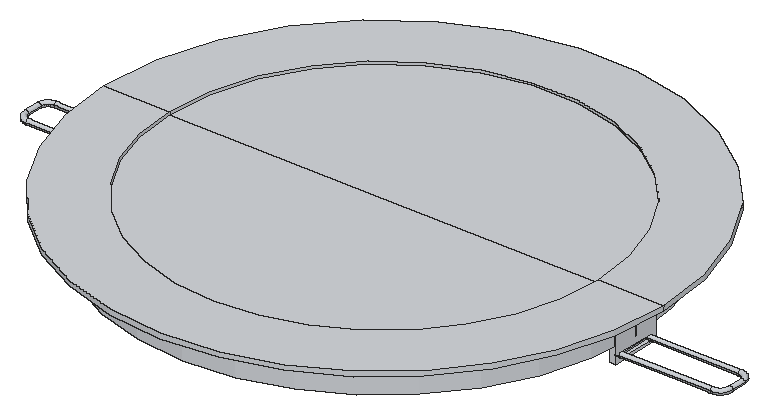
Revit family "0053957", category Lighting Fixtures, host Face, Revit 2017
Family settings
  Host = Face
  Round Connector Dimension = Use Diameter
  Part Type = Normal
  OmniClass Number = 23.80.70.00
  OmniClass Title = Lighting
  Cut with Voids When Loaded = No
  Light Source = Yes
  Shared = No
  Room Calculation Point = No
Parameters (values of type "0053957 SYLFLAT 205 IP44 2250LM 840 DIM")
  Weight = "4.57 kg"
  Wattage Comments = ""
  Wattage = 24 W
  WarrantyStartDate [instance] = "n/a"
  WarrantyGuarantorParts = "n/a"
  WarrantyDurationUnit = "n/a"
  WarrantyDurationParts = "n/a"
  WarrantyDescription = "n/a"
  built-in parameter 1150110 = 1 (stored number, unit not read)
  Voltage = 0 V
  URL = "http://www.sylvania-lighting.com"
  TypeName = "Sylflat 205 IP44 2250lm 840 DIM"
  Type Image = <None>
  Type Comments = "n/a"
  built-in parameter 1114217 = 1 (stored number, unit not read)
  Tilt Angle = -90.00°
  built-in parameter 1150109 = 1 (stored number, unit not read)
  built-in parameter 1150134 = 12
  built-in parameter 1150113 = 1 (stored number, unit not read)
  SerialNumber [instance] = "n/a"
  SIZE_203_SYL = 1
  SIZE_155_SYL = 0
  R_DIFF_SYL = if(SIZE_155_SYL = 1, 63.5 mm, if(SIZE_203_SYL = 1, 86.5 mm, 40 mm))  # 86.5 mm
  R2_SYL = if(SIZE_155_SYL = 1, 77.5 mm, if(SIZE_203_SYL = 1, 101.5 mm, 52.5 mm))  # 101.5 mm
  R1_SYL = if(SIZE_155_SYL = 1, 86 mm, if(SIZE_203_SYL = 1, 113 mm, 60 mm))  # 113 mm
  Photometric Web File = "0053957.ies"
  LUM_HEIGHT_SYL = 15 mm - CHAMF_SYL  # 14 mm
  CLIP_SYL = 10 mm
  CLIP_HOLE_SYL = 2.5 mm
  CLIP_HOLE_HE_SYL = 8.5 mm
  CLIP_D_SYL = R2_SYL - 2.5 mm  # 99 mm
  CLIP_DIST_SYL = R2_SYL - 2.5 mm  # 99 mm
  CLIP_CUTOUT_SYL = 19 mm
  CHAMF_SYL = 1 mm
  Material_3_SYL = none
  PowerFactor = 0.9
  PowerConsumption = "24 W"
  NominalLength = 226 mm
  NominalHeight = 21 mm
  NominalDepth = 226 mm
  Name = "Sylflat 205 IP44 2250lm 840 DIM"
  ModelReference = Name  # "Sylflat 205 IP44 2250lm 840 DIM"
  ModelNumber = "0053957"
  Model = Name  # "Sylflat 205 IP44 2250lm 840 DIM"
  Material = "n/a"
  ManufacturerName = "Feilo Sylvania"
  Manufacturer = "Feilo Sylvania"
  LuminousEfficacy = "103 lm/W"
  built-in parameter 1150105 = 196.72 (stored number, unit not read)
  Lumens = 2472 lm
  LuminaireType = ""
  built-in parameter 1150115 = 1 (stored number, unit not read)
  LightOutputRatio = "n/a"
  built-in parameter 1150137 = (empty or 0)
  built-in parameter 1150139 = (empty or 0)
  LampsType = Lamp  # "LED"
  LampNominalLuminous = "2250 lm"
  LampMacAdamStep = "3"
  LampColourTemperature = "4000 K"
  LampColourRenderingIndex = "80"
  built-in parameter 1150112 = 1 (stored number, unit not read)
  built-in parameter 1150114 = 1 (stored number, unit not read)
  Lamp = "LED"
  Keynote = "16500"
  InstallationDate [instance] = "n/a"
  InputVoltage = "n/a"
  InputNominalFrequency = "n/a"
  built-in parameter 1150132 = (empty or 0)
  built-in parameter 1150102 = (empty or 0)
  built-in parameter 1150107 = 4000 (stored number, unit not read)
  built-in parameter 1150138 = (empty or 0)
  IngressProtection = "IP44/20"
  ImpactProtectionIndex = "IK06"
  built-in parameter 1150106 = 1.9672 (stored number, unit not read)
  IfcExportType = "IfcLightFixtureType"
  IfcExportAs = "IfcLightFixtureType"
  Emit from Circle Diameter = 609.6 mm
  Emit Shape Visible in Rendering = no
  ElectricShockClassification = "Class II"
  built-in parameter 1150104 = 9.569 (stored number, unit not read)
  DocumentationLiterature = "http://www.sylvania-lighting.com/product/en-int/products/0053957"
  DimmingControlOptions = "n/a"
  Material_2_SYL = none
  Dimming Lamp Color Temperature Shift = <None>
  Description = "Sylflat DIM is an integrated LED recessed downlight with separated phase dimmable driver; 24W; 2250Lm; 103Lm/W; 4000K; IP44 rated from the front; 50,000hrs (L70B50)."
  Default Elevation = 1219.2 mm
  CreatedOn = "8/6/2020"
  CreatedBy = "@sylvania-lighting.com"
  Cost = 0
  Color Filter = 16777215
  built-in parameter 1114216 [instance] = (empty or 0)
  ClassificationValue = "EF_70_80"
  ClassificationName = "Uniclass2015"
  Material_1_SYL = none
  CHAMF_2_SYL = 1 mm
  BarCode [instance] = "n/a"
  built-in parameter 1114218 = 1 (stored number, unit not read)
  built-in parameter 1150133 = 10 (stored number, unit not read)
  AssetType = "Fixed"
  AssetIdentifier [instance] = "n/a"
  Assembly Code = "D5020200"
  Apparent Load = 24 VA
  Material_4_SYL = none
Types (17, lengths in mm): name | Weight | Wattage | TypeName | built-in parameter 1150134 | SIZE_203_SYL | SIZE_155_SYL | R_DIFF_SYL | R2_SYL | R1_SYL | Photometric Web File | CLIP_D_SYL | CLIP_DIST_SYL | PowerFactor | PowerConsumption | NominalLength | NominalHeight | NominalDepth | Name | ModelReference | ModelNumber | Model | Material | LuminousEfficacy | built-in parameter 1150105 | Lumens | LampNominalLuminous | LampMacAdamStep | LampColourTemperature | built-in parameter 1150107 | built-in parameter 1150106 | built-in parameter 1150104 | DocumentationLiterature | Description | Apparent Load
  0053988 SYLFLAT 105 IP44 550LM 830 DIM | "3.555 kg" | 7 W | "Sylflat 105 IP44 550lm 830 DIM" | (empty or 0) | 0 | 1 | 63.5 | 77.5 | 86 | "0053988.ies" | 75 | 75 | 0 | "7 W" | 0 | 0 | 0 | "Sylflat 105 IP44 550lm 830 DIM" | "Sylflat 105 IP44 550lm 830 DIM" | "53988" | "Sylflat 105 IP44 550lm 830 DIM" | "n/a" | "78.57 lm/W" | 43.768 (stored number, unit not read) | 550 lm | "550 lm" | "3" | "3000 K" | 3000 (stored number, unit not read) | 0.43768 (stored number, unit not read) | 7.2995 (stored number, unit not read) | "http://www.sylvania-lighting.com/product/en-int/products/0053988" | "Sylflat DIM is an integrated LED recessed downlight with separated phase dimmable driver; 7W; 550Lm; 79Lm/W; 3000K; IP44 rated from the front; 50,000hrs (L70B50)." | 7 VA
  0053957 SYLFLAT 205 IP44 2250LM 840 DIM | "4.57 kg" | 24 W | "Sylflat 205 IP44 2250lm 840 DIM" | 12 | 1 | 0 | 86.5 | 101.5 | 113 | "0053957.ies" | 99 | 99 | 0.9 | "24 W" | 226 | 21 | 226 | "Sylflat 205 IP44 2250lm 840 DIM" | "Sylflat 205 IP44 2250lm 840 DIM" | "0053957" | "Sylflat 205 IP44 2250lm 840 DIM" | "n/a" | "103 lm/W" | 196.72 (stored number, unit not read) | 2472 lm | "2250 lm" | "3" | "4000 K" | 4000 (stored number, unit not read) | 1.9672 (stored number, unit not read) | 9.569 (stored number, unit not read) | "http://www.sylvania-lighting.com/product/en-int/products/0053957" | "Sylflat DIM is an integrated LED recessed downlight with separated phase dimmable driver; 24W; 2250Lm; 103Lm/W; 4000K; IP44 rated from the front; 50,000hrs (L70B50)." | 24 VA
  0053956 SYLFLAT 205 IP44 2200LM 830 DIM | "4.57 kg" | 24 W | "Sylflat 205 IP44 2200lm 830 DIM" | (empty or 0) | 1 | 0 | 86.5 | 101.5 | 113 | "0053956.ies" | 99 | 99 | 0.9 | "24 W" | 226 | 21 | 226 | "Sylflat 205 IP44 2200lm 830 DIM" | "Sylflat 205 IP44 2200lm 830 DIM" | "53956" | "Sylflat 205 IP44 2200lm 830 DIM" | "n/a" | "100 lm/W" | 190.99 (stored number, unit not read) | 2400 lm | "2200 lm" | "3" | "3000 K" | 3000 (stored number, unit not read) | 1.9099 (stored number, unit not read) | 9.2903 (stored number, unit not read) | "http://www.sylvania-lighting.com/product/en-int/products/0053956" | "Sylflat DIM is an integrated LED recessed downlight with separated phase dimmable driver; 24W; 2200Lm; 100Lm/W; 3000K; IP44 rated from the front; 50,000hrs (L70B50)." | 24 VA
  0053955 SYLFLAT 205 IP44 1750LM 840 DIM | "4.57 kg" | 17 W | "Sylflat 205 IP44 1750lm 840 DIM" | 12 | 1 | 0 | 86.5 | 101.5 | 113 | "0053955.ies" | 99 | 99 | 0.9 | "17 W" | 226 | 21 | 226 | "Sylflat 205 IP44 1750lm 840 DIM" | "Sylflat 205 IP44 1750lm 840 DIM" | "53955" | "Sylflat 205 IP44 1750lm 840 DIM" | "aluminium housing, other diffuser" | "103 lm/W" | 139.34 (stored number, unit not read) | 1751 lm | "1750 lm" | "3" | "4000 K" | 4000 (stored number, unit not read) | 1.3934 (stored number, unit not read) | 9.569 (stored number, unit not read) | "http://www.sylvania-lighting.com/product/en-int/products/0053955" | "Sylflat DIM is an integrated LED recessed downlight with separated phase dimmable driver; 17W; 1750Lm; 103Lm/W; 4000K; IP44 rated from the front; 50,000hrs (L70B50)." | 17 VA
  0053954 SYLFLAT 205 IP44 1550LM 830 DIM | "4.57 kg" | 17 W | "Sylflat 205 IP44 1550lm 830 DIM" | (empty or 0) | 1 | 0 | 86.5 | 101.5 | 113 | "0053954.ies" | 99 | 99 | 0.9 | "17 W" | 226 | 21 | 226 | "Sylflat 205 IP44 1550lm 830 DIM" | "Sylflat 205 IP44 1550lm 830 DIM" | "53954" | "Sylflat 205 IP44 1550lm 830 DIM" | "aluminium housing, other diffuser" | "91 lm/W" | 123.11 (stored number, unit not read) | 1547 lm | "1550 lm" | "3" | "3000 K" | 3000 (stored number, unit not read) | 1.2311 (stored number, unit not read) | 8.4542 (stored number, unit not read) | "http://www.sylvania-lighting.com/product/en-int/products/0053954" | "Sylflat DIM is an integrated LED recessed downlight with separated phase dimmable driver; 17W; 1550Lm; 91Lm/W; 3000K; IP44 rated from the front; 50,000hrs (L70B50)." | 17 VA
  0053953 SYLFLAT 155 IP44 1100LM 840 DIM | "3.27 kg" | 12 W | "Sylflat 155 IP44 1100lm 840 DIM" | 12 | 0 | 1 | 63.5 | 77.5 | 86 | "0053953.ies" | 75 | 75 | 0.9 | "12 W" | 172 | 21 | 172 | "Sylflat 155 IP44 1100lm 840 DIM" | "Sylflat 155 IP44 1100lm 840 DIM" | "53953" | "Sylflat 155 IP44 1100lm 840 DIM" | "aluminium housing, other diffuser" | "92 lm/W" | 87.854 (stored number, unit not read) | 1104 lm | "1100 lm" | "3" | "4000 K" | 4000 (stored number, unit not read) | 0.87854 (stored number, unit not read) | 8.5471 (stored number, unit not read) | "http://www.sylvania-lighting.com/product/en-int/products/0053953" | "Sylflat DIM is an integrated LED recessed downlight with separated phase dimmable driver; 12W; 1100Lm; 92Lm/W; 4000K; IP44 rated from the front; 50,000hrs (L70B50)." | 12 VA
  0053952 SYLFLAT 155 IP44 1000LM 830 DIM | "3.27 kg" | 12 W | "Sylflat 155 IP44 1000lm 830 DIM" | (empty or 0) | 0 | 1 | 63.5 | 77.5 | 86 | "0053952.ies" | 75 | 75 | 0.9 | "12 W" | 172 | 21 | 172 | "Sylflat 155 IP44 1000lm 830 DIM" | "Sylflat 155 IP44 1000lm 830 DIM" | "53952" | "Sylflat 155 IP44 1000lm 830 DIM" | "aluminium housing, other diffuser" | "83 lm/W" | 79.259 (stored number, unit not read) | 996 lm | "1000 lm" | "3" | "3000 K" | 3000 (stored number, unit not read) | 0.79259 (stored number, unit not read) | 7.711 (stored number, unit not read) | "http://www.sylvania-lighting.com/product/en-int/products/0053952" | "Sylflat DIM is an integrated LED recessed downlight with separated phase dimmable driver; 12W; 1000Lm; 83Lm/W; 3000K; IP44 rated from the front; 50,000hrs (L70B50)." | 12 VA
  0053951 ST E DOWNLIGHT FLT 205 IP44 2200 865 DIM | "4.57 kg" | 24 W | "START eco Downlight Flat 205 IP44 2200lm 865 DIM" | 1 | 1 | 0 | 86.5 | 101.5 | 113 | "0053951.ies" | 99 | 99 | 0.9 | "24 W" | 226 | 21 | 226 | "START eco Downlight Flat 205 IP44 2200lm 865 DIM" | "START eco Downlight Flat 205 IP44 2200lm 865 DIM" | "53951" | "START eco Downlight Flat 205 IP44 2200lm 865 DIM" | "n/a" | "92 lm/W" | 175.71 (stored number, unit not read) | 2208 lm | "2200 lm" | "5" | "6500 K" | 6500 (stored number, unit not read) | 1.7571 (stored number, unit not read) | 8.5471 (stored number, unit not read) | "http://www.sylvania-lighting.com/product/en-int/products/0053951" | "START eco Downlight Flat IP44 DIM is an integrated LED recessed downlight with separated phase dimmable driver; 24W; 2200Lm; 92Lm/W; 6500K; IP44 rated from the front; 30,000hrs (L70B50)." | 24 VA
  0053950 ST E DOWNLIGHT FLT 205 IP44 1700 865 DIM | "4.57 kg" | 17 W | "START eco Downlight Flat 205 IP44 1700lm 865 DIM" | 1 | 1 | 0 | 86.5 | 101.5 | 113 | "0053950.ies" | 99 | 99 | 0.9 | "17 W" | 226 | 21 | 226 | "START eco Downlight Flat 205 IP44 1700lm 865 DIM" | "START eco Downlight Flat 205 IP44 1700lm 865 DIM" | "53950" | "START eco Downlight Flat 205 IP44 1700lm 865 DIM" | "aluminium housing, other diffuser" | "100 lm/W" | 135.28 (stored number, unit not read) | 1700 lm | "1700 lm" | "5" | "6500 K" | 6500 (stored number, unit not read) | 1.3528 (stored number, unit not read) | 9.2903 (stored number, unit not read) | "http://www.sylvania-lighting.com/product/en-int/products/0053950" | "START eco Downlight Flat IP44 DIM is an integrated LED recessed downlight with separated phase dimmable driver; 17W; 1700Lm; 100Lm/W; 6500K; IP44 rated from the front; 30,000hrs (L70B50)." | 17 VA
  0053949 ST E DOWNLIGHT FLT 155 IP44 1100 865 DIM | "3.27 kg" | 12 W | "START eco Downlight Flat 155 IP44 1100lm 865 DIM" | 1 | 0 | 1 | 63.5 | 77.5 | 86 | "0053949.ies" | 75 | 75 | 0.9 | "12 W" | 172 | 21 | 172 | "START eco Downlight Flat 155 IP44 1100lm 865 DIM" | "START eco Downlight Flat 155 IP44 1100lm 865 DIM" | "53949" | "START eco Downlight Flat 155 IP44 1100lm 865 DIM" | "aluminium housing, other diffuser" | "92 lm/W" | 87.854 (stored number, unit not read) | 1104 lm | "1100 lm" | "5" | "6500 K" | 6500 (stored number, unit not read) | 0.87854 (stored number, unit not read) | 8.5471 (stored number, unit not read) | "http://www.sylvania-lighting.com/product/en-int/products/0053949" | "START eco Downlight Flat IP44 DIM is an integrated LED recessed downlight with separated phase dimmable driver; 12W; 1100Lm; 92Lm/W; 6500K; IP44 rated from the front; 30,000hrs (L70B50)." | 12 VA
  0053944 ST E DOWNLIGHT FLT 205 IP44 2250 840 DIM | "4.57 kg" | 24 W | "START eco Downlight Flat 205 IP44 2250lm 840 DIM" | 12 | 1 | 0 | 86.5 | 101.5 | 113 | "0053944.ies" | 99 | 99 | 0.9 | "24 W" | 226 | 21 | 226 | "START eco Downlight Flat 205 IP44 2250lm 840 DIM" | "START eco Downlight Flat 205 IP44 2250lm 840 DIM" | "53944" | "START eco Downlight Flat 205 IP44 2250lm 840 DIM" | "n/a" | "94 lm/W" | 179.53 (stored number, unit not read) | 2256 lm | "2250 lm" | "5" | "4000 K" | 4000 (stored number, unit not read) | 1.7953 (stored number, unit not read) | 8.7329 (stored number, unit not read) | "http://www.sylvania-lighting.com/product/en-int/products/0053944" | "START eco Downlight Flat IP44 DIM is an integrated LED recessed downlight with separated phase dimmable driver; 24W; 2250Lm; 94Lm/W; 4000K; IP44 rated from the front; 30,000hrs (L70B50)." | 24 VA
  0053942 ST E DOWNLIGHT FLT 205 IP44 1750 840 DIM | "4.57 kg" | 17 W | "START eco Downlight Flat 205 IP44 1750lm 840 DIM" | 12 | 1 | 0 | 86.5 | 101.5 | 113 | "0053942.ies" | 99 | 99 | 0.9 | "17 W" | 226 | 21 | 226 | "START eco Downlight Flat 205 IP44 1750lm 840 DIM" | "START eco Downlight Flat 205 IP44 1750lm 840 DIM" | "53942" | "START eco Downlight Flat 205 IP44 1750lm 840 DIM" | "aluminium housing, other diffuser" | "103 lm/W" | 139.34 (stored number, unit not read) | 1751 lm | "1750 lm" | "5" | "4000 K" | 4000 (stored number, unit not read) | 1.3934 (stored number, unit not read) | 9.569 (stored number, unit not read) | "http://www.sylvania-lighting.com/product/en-int/products/0053942" | "START eco Downlight Flat IP44 DIM is an integrated LED recessed downlight with separated phase dimmable driver; 17W; 1750Lm; 103Lm/W; 4000K; IP44 rated from the front; 30,000hrs (L70B50)." | 17 VA
  0053941 ST E DOWNLIGHT FLT 155 IP44 1100 840 DIM | "3.27 kg" | 12 W | "START eco Downlight Flat 155 IP44 1100lm 840 DIM" | 12 | 0 | 1 | 63.5 | 77.5 | 86 | "0053941.ies" | 75 | 75 | 0.9 | "12 W" | 172 | 21 | 172 | "START eco Downlight Flat 155 IP44 1100lm 840 DIM" | "START eco Downlight Flat 155 IP44 1100lm 840 DIM" | "53941" | "START eco Downlight Flat 155 IP44 1100lm 840 DIM" | "aluminium housing, other diffuser" | "92 lm/W" | 87.854 (stored number, unit not read) | 1104 lm | "1100 lm" | "5" | "4000 K" | 4000 (stored number, unit not read) | 0.87854 (stored number, unit not read) | 8.5471 (stored number, unit not read) | "http://www.sylvania-lighting.com/product/en-int/products/0053941" | "START eco Downlight Flat IP44 DIM is an integrated LED recessed downlight with separated phase dimmable driver; 12W; 1100Lm; 92Lm/W; 4000K; IP44 rated from the front; 30,000hrs (L70B50)." | 12 VA
  0053940 ST E DOWNLIGHT FLT 205 IP44 2200 830 DIM | "4.57 kg" | 24 W | "START eco Downlight Flat 205 IP44 2200lm 830 DIM" | (empty or 0) | 1 | 0 | 86.5 | 101.5 | 113 | "0053940.ies" | 99 | 99 | 0.9 | "24 W" | 226 | 21 | 226 | "START eco Downlight Flat 205 IP44 2200lm 830 DIM" | "START eco Downlight Flat 205 IP44 2200lm 830 DIM" | "53940" | "START eco Downlight Flat 205 IP44 2200lm 830 DIM" | "n/a" | "92 lm/W" | 175.71 (stored number, unit not read) | 2208 lm | "2200 lm" | "5" | "3000 K" | 3000 (stored number, unit not read) | 1.7571 (stored number, unit not read) | 8.5471 (stored number, unit not read) | "http://www.sylvania-lighting.com/product/en-int/products/0053940" | "START eco Downlight Flat IP44 DIM is an integrated LED recessed downlight with separated phase dimmable driver; 24W; 2200Lm; 92Lm/W; 3000K; IP44 rated from the front; 30,000hrs (L70B50)." | 24 VA
  0053938 ST E DOWNLIGHT FLT 205 IP44 1550 830 DIM | "4.57 kg" | 17 W | "START eco Downlight Flat 205 IP44 1550lm 830 DIM" | (empty or 0) | 1 | 0 | 86.5 | 101.5 | 113 | "0053938.ies" | 99 | 99 | 0.9 | "17 W" | 226 | 21 | 226 | "START eco Downlight Flat 205 IP44 1550lm 830 DIM" | "START eco Downlight Flat 205 IP44 1550lm 830 DIM" | "53938" | "START eco Downlight Flat 205 IP44 1550lm 830 DIM" | "aluminium housing, other diffuser" | "91 lm/W" | 123.11 (stored number, unit not read) | 1547 lm | "1550 lm" | "5" | "3000 K" | 3000 (stored number, unit not read) | 1.2311 (stored number, unit not read) | 8.4542 (stored number, unit not read) | "http://www.sylvania-lighting.com/product/en-int/products/0053938" | "START eco Downlight Flat IP44 DIM is an integrated LED recessed downlight with separated phase dimmable driver; 17W; 1550Lm; 91Lm/W; 3000K; IP44 rated from the front; 30,000hrs (L70B50)." | 17 VA
  0053937 ST E DOWNLIGHT FLT 155 IP44 1000 830 DIM | "3.27 kg" | 12 W | "START eco Downlight Flat 155 IP44 1000lm 830 DIM" | (empty or 0) | 0 | 1 | 63.5 | 77.5 | 86 | "0053937.ies" | 75 | 75 | 0.9 | "12 W" | 172 | 21 | 172 | "START eco Downlight Flat 155 IP44 1000lm 830 DIM" | "START eco Downlight Flat 155 IP44 1000lm 830 DIM" | "53937" | "START eco Downlight Flat 155 IP44 1000lm 830 DIM" | "aluminium housing, other diffuser" | "83 lm/W" | 79.259 (stored number, unit not read) | 996 lm | "1000 lm" | "5" | "3000 K" | 3000 (stored number, unit not read) | 0.79259 (stored number, unit not read) | 7.711 (stored number, unit not read) | "http://www.sylvania-lighting.com/product/en-int/products/0053937" | "START eco Downlight Flat IP44 DIM is an integrated LED recessed downlight with separated phase dimmable driver; 12W; 1000Lm; 83Lm/W; 3000K; IP44 rated from the front; 30,000hrs (L70B50)." | 12 VA
  0053989 SYLFLAT 105 IP44 600LM 840 DIM | "3.555 kg" | 7 W | "Sylflat 105 IP44 600lm 840 DIM" | 12 | 0 | 1 | 63.5 | 77.5 | 86 | "0053989.ies" | 75 | 75 | 0 | "7 W" | 0 | 0 | 0 | "Sylflat 105 IP44 600lm 840 DIM" | "Sylflat 105 IP44 600lm 840 DIM" | "53989" | "Sylflat 105 IP44 600lm 840 DIM" | "n/a" | "85.71 lm/W" | 47.746 (stored number, unit not read) | 600 lm | "600 lm" | "3" | "4000 K" | 4000 (stored number, unit not read) | 0.47746 (stored number, unit not read) | 7.9631 (stored number, unit not read) | "http://www.sylvania-lighting.com/product/en-int/products/0053989" | "Sylflat DIM is an integrated LED recessed downlight with separated phase dimmable driver; 7W; 600Lm; 86Lm/W; 4000K; IP44 rated from the front; 50,000hrs (L70B50)." | 7 VA
Reference planes
  plane 1 "Center (Front/Back)": y = 0
  plane 2: z = 0
  plane 3 "Center (Left/Right)": x = 0
  plane 4: z = 1
  plane 5: z = -1
  plane 6: z = -14
  plane 7: x = 113
  plane 8: x = 86.5
  plane 9: x = 101.5
  plane 10: x = 0
  plane 11: x = -96
  plane 12: x = -101.5
  plane 13: y = 10
  plane 14: y = -10
  plane 15: x = 99
  plane 16: z = -19
  plane 17: z = -16.5
  plane 18: y = -8.5
  plane 19: y = 8.5
  plane 20: x = -99
Forms (mm)
  Revolve 1, solid
    sketch origin (0, 0, 0) x (1, 0, 0) y (0, 0, 1)
      loop
        line (0, 0) -> (0, -14) -> (101.5, -14) -> (101.5, -1) -> (113, -1) -> (113, 1) -> (86.5, 1) -> (86.5, 0) -> (0, 0)
      axis (0, 1) -> (0, -14)
    angle from 360 to 0
  Extrusion 2, solid
    sketch origin (0, 0, 0) x (1, 0, 0) y (0, 1, 0)
      loop
        line (99, 10) -> (99, -10) -> (101.5, -10) -> (101.5, 10) -> (99, 10)
      loop
        line (-99, 10) -> (-101.5, 10) -> (-101.5, -10) -> (-99, -10) -> (-99, 10)
    from -20 to -1
  Extrusion 3, void
    sketch origin (319, 1524, 1219.2) x (0, 1, 0) y (0, 0, 1)
      loop
        line (-1515.5, -1238.2) -> (-1515.5, -1235.7) -> (-1532.5, -1235.7) -> (-1532.5, -1238.2) -> (-1515.5, -1238.2)
    from -440.059 to 10
  Sweep 4, solid
    path origin (-31.995, -2.046, -2.165) x (1, 0, 0) y (0, 1, 0)
      loop
        arc (-106, 9.306) -> (-108.828, 8.135) -> (-110, 5.306) r 4
        line (-110, 5.306) -> (-110, -0.922)
        arc (-110, -0.922) -> (-108.828, -3.75) -> (-106, -4.922) r 4
        line (-106, -4.922) -> (-68, -4.922) -> (-68, 9.306) -> (-106, 9.306)
    profile origin (-118.995, 7.26, -2.165) x (0, 1, 0) y (0, 0, 1)
      loop
        circle (0, -15.572) r 0.967
  Sweep 5, solid
    path origin (31.995, -2.046, -2.165) x (-1, 0, 0) y (0, -1, 0)
      loop
        line (-106, -9.306) -> (-68, -9.306) -> (-68, 4.922) -> (-106, 4.922)
        arc (-106, 4.922) -> (-108.828, 3.75) -> (-110, 0.922) r 4
        line (-110, 0.922) -> (-110, -5.306)
        arc (-110, -5.306) -> (-108.828, -8.135) -> (-106, -9.306) r 4
    profile origin (118.995, 7.26, -2.165) x (0, -1, 0) y (0, 0, 1)
      loop
        circle (0, -15.572) r 0.967
Cuts and joins
  Extrusion 3 cuts Extrusion 2
Dimensions and locks
  "LUM_HEIGHT_SYL": host face to plane 6
  "CHAMF_2_SYL": host face to plane 5
  "CHAMF_SYL": plane 4 to host face
  "R_DIFF_SYL": plane 8 to plane 3 "Center (Left/Right)"
  "R2_SYL": plane 3 "Center (Left/Right)" to plane 9
  "R1_SYL": plane 7 to plane 3 "Center (Left/Right)"
  "CLIP_SYL": plane 14 to plane 1 "Center (Front/Back)" to plane 13
  "CLIP_D_SYL": plane 10 to plane 15
  "R2_SYL": plane 10 to plane 9
  "CLIP_CUTOUT_SYL": host face to plane 16
  "CLIP_HOLE_SYL": plane 17 to plane 16
  "CLIP_HOLE_HE_SYL": plane 19 to plane 1 "Center (Front/Back)" to plane 18
  "R2_SYL": plane 12 to plane 10
  "CLIP_D_SYL": plane 20 to plane 3 "Center (Left/Right)"
  aligned and locked: plane 2 to host face
  aligned and locked: level to host face
  aligned and locked: Revolve 1 sketch curve to plane 3 "Center (Left/Right)"
  aligned and locked: plane 13 to Extrusion 2 sketch curve
  aligned and locked: Extrusion 2 sketch curve to plane 15
  aligned and locked: Extrusion 2 sketch curve to plane 14
  aligned and locked: plane 9 to Extrusion 2 sketch curve
  aligned and locked: Extrusion 3 sketch curve to plane 16
  aligned and locked: plane 19 to Extrusion 3 sketch curve
  aligned and locked: Extrusion 3 sketch curve to plane 17
  aligned and locked: Extrusion 3 sketch curve to plane 18
  aligned and locked: Extrusion 2 sketch curve to plane 13
  aligned and locked: Extrusion 2 sketch curve to plane 20
  aligned and locked: plane 14 to Extrusion 2 sketch curve
  aligned and locked: plane 12 to Extrusion 2 sketch curve
Automatic sketch dimensions
  host sketch curve to host sketch curve = 2438.4 mm  (x2)
  Revolve 1 sketch curve to level = 0 mm
  Revolve 1 sketch curve to plane 3 "Center (Left/Right)" = 0 mm
  plane 8 to Revolve 1 sketch curve = 0 mm
  Revolve 1 sketch curve to plane 6 = 0 mm
  plane 9 to Revolve 1 sketch curve = 0 mm
  Revolve 1 sketch curve to plane 5 = 0 mm
  plane 7 to Revolve 1 sketch curve = 0 mm
  Revolve 1 sketch curve to plane 4 = 0 mm
  Revolve 1 sketch curve to plane 16 = 584.6 mm
  Revolve 1 sketch curve to plane 4 = 2608.058 mm
  plane 1 "Center (Front/Back)" to Sweep 4 sketch curve = 2.968 mm
  plane 12 to Sweep 4 sketch curve = 40.495 mm
  Sweep 4 sketch curve to plane 18 = 1.532 mm
  Sweep 4 sketch curve to Sweep 4 sketch curve = 4 mm
  plane 20 to Sweep 4 sketch curve = 0.995 mm
  Sweep 4 sketch curve to plane 1 "Center (Front/Back)" = 3.26 mm
  Sweep 4 sketch curve to profile plane = 0 mm
  Sweep 4 sketch curve to profile plane = 15.572 mm
  plane 1 "Center (Front/Back)" to Sweep 5 sketch curve = 2.968 mm
  Sweep 5 sketch curve to plane 7 = 28.995 mm
  Sweep 5 sketch curve to plane 18 = 1.532 mm
  Sweep 5 sketch curve to Sweep 5 sketch curve = 4 mm
  Sweep 5 sketch curve to plane 15 = 0.995 mm
  Sweep 5 sketch curve to plane 1 "Center (Front/Back)" = 3.26 mm
  Sweep 5 sketch curve to profile plane = 0 mm
  Sweep 5 sketch curve to profile plane = 15.572 mm
  radius of Sweep 4 sketch curve = 0.967 mm
  radius of Sweep 5 sketch curve = 0.967 mm
